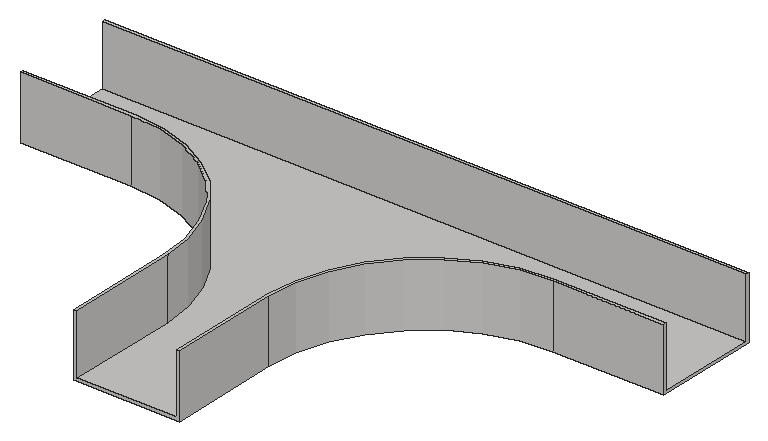
Revit family "Cable_Tray_Fitting-Wire_Mesh_Tray-OBO_Bettermann-Channel_Horizontal_Tee_400-600-GR_Magic", category Cable Tray Fittings, Revit 2012
Parameters (values of type "Hot Dipped Galvanised")
  URL = "http://www.obo-bettermann.com/"
  Tray Width Overall [instance] = Tray Width 3 + 510 mm  # 610 mm
  Tray Width 3 [instance] = 100 mm
  Tray Width 1 [instance] = 100 mm
  Tray Height [instance] = 60 mm
  built-in parameter 1140111 [instance] = 2.58 mm
  Radius Label 1 = Radius Label + 2.6 mm  # 152.6 mm
  Radius Label = 150 mm
  Product Page URL = "http://catalog2.obo-bettermann.com/catalogue/catalogue.do?favOid=kts_315619&act=showIO&lang=en&action=start&catId=KTS&forward=showSolutionView"
  Product Documentation Link = ""
  Pre Galvanized = no
  Model = "GR-Magic"
  Manufacturer = "OBO Bettermann"
  Description = "Wire Mesh Cable Tray"
  Connector Description 3 = "Connector for Cable Tray 3"  # constant formula
  Connector Description 2 = "Connector for Cable Tray 2"  # constant formula
  Connector Description = "Connector for Cable Tray 1"  # constant formula
  Classification = "Refer to online catalog for UL and cUL classifed sizes and wire sizes."
  Cable Tray Material = Metal - OBO Bettermann - Hot-Dipped-Galvanised
  Assembly Code = "D5030600"
Types (2, lengths in mm): name | Tray Width Overall | Tray Width 3 | Tray Width 1 | Cable Tray Material
  Electro Galvanised | 910 | 400 | 400 | Metal - OBO Bettermann - Electro-Galvanised
  Hot Dipped Galvanised | 610 | 100 | 100 | Metal - OBO Bettermann - Hot-Dipped-Galvanised
Reference planes
  plane 1 "Center (Front/Back)": y = 0
  plane 2: z = 0
  plane 3 "Center (Left/Right)": x = 0
  plane 4: y = 50
  plane 5: y = -50
  plane 6: z = 30
  plane 7: z = -30
  plane 8: x = -50
  plane 9: x = 50
  plane 10: y = -47.42
  plane 11: y = 47.42
  plane 12: y = -305
  plane 13: x = -47.42
  plane 14: x = 47.42
  plane 15: z = -27.42
  plane 16: x = -305
  plane 17: x = 305
Forms (mm)
  Extrusion 1, solid, material "Metal - OBO Bettermann - Hot-Dipped-Galvanised" <- "Cable Tray Material", detail levels fine
    sketch origin (0, 0, 0) x (1, 0, 0) y (0, 1, 0)
      loop
        line (-305, -47.42) -> (-305, -50) -> (-200, -50)
        arc (-200, -50) -> (-93.934, -93.934) -> (-50, -200) r 150
        line (-50, -200) -> (-50, -305) -> (-47.42, -305) -> (-47.42, -197.51)
        arc (-47.42, -197.51) -> (-92.096, -92.096) -> (-197.51, -47.42) r 152.6
        line (-197.51, -47.42) -> (-305, -47.42)
      loop
        line (200, -50) -> (305, -50) -> (305, -47.42) -> (197.51, -47.42)
        arc (197.51, -47.42) -> (92.096, -92.096) -> (47.42, -197.51) r 152.6
        line (47.42, -197.51) -> (47.42, -305) -> (50, -305) -> (50, -200)
        arc (50, -200) -> (93.934, -93.934) -> (200, -50) r 150
      loop
        line (-305, 50) -> (-305, 47.42) -> (305, 47.42) -> (305, 50) -> (-305, 50)
    from -30 to 30
  Extrusion 2, solid, material "Metal - OBO Bettermann - Hot-Dipped-Galvanised" <- "Cable Tray Material", detail levels fine
    sketch origin (0, 0, 0) x (1, 0, 0) y (0, 1, 0)
      loop
        line (-305, -50) -> (-200, -50)
        arc (-200, -50) -> (-93.934, -93.934) -> (-50, -200) r 150
        line (-50, -200) -> (-50, -305) -> (50, -305) -> (50, -200)
        arc (50, -200) -> (93.934, -93.934) -> (200, -50) r 150
        line (200, -50) -> (305, -50) -> (305, 50) -> (-305, 50) -> (-305, -50)
    from -30 to -27.42
  Extrusion 3, solid, material "Metal - OBO Bettermann - Hot-Dipped-Galvanised" <- "Cable Tray Material", detail levels medium
    sketch origin (0, 0, 0) x (1, 0, 0) y (0, 1, 0)
      loop
        line (-305, 50) -> (-305, -50) -> (-200, -50)
        arc (-200, -50) -> (-93.934, -93.934) -> (-50, -200) r 150
        line (-50, -200) -> (-50, -305) -> (50, -305) -> (50, -200)
        arc (50, -200) -> (93.934, -93.934) -> (200, -50) r 150
        line (200, -50) -> (305, -50) -> (305, 50) -> (-305, 50)
    from -30 to 30
Cuts and joins
  joined: Extrusion 1, Extrusion 2
Lines and regions (mm)
  model lines, style "Coarse View", detail levels coarse
    curve 1: line (-230, 0, 0) -> (200, 0, 0)
    curve 2: line (0, 0, 0) -> (0, -305, 0)
Dimensions and locks
  equal spacing: plane 4, plane 1 "Center (Front/Back)", plane 5
  "Tray Width 1": plane 4 to plane 5
  equal spacing: plane 6, plane 2, plane 7
  "Tray Height": plane 6 to plane 7
  equal spacing: plane 8, plane 3 "Center (Left/Right)", plane 9  (x2)
  "Tray Width 3": plane 8 to plane 9
  "built-in parameter 1140111": plane 10 to plane 5
  "built-in parameter 1140111": plane 4 to plane 11
  locked: plane 5 to plane 12 at 255
  "built-in parameter 1140111": plane 8 to plane 13
  "built-in parameter 1140111": plane 14 to plane 9
  "built-in parameter 1140111": plane 15 to plane 7
  locked: plane 16 to plane 8 at 255
  locked: plane 9 to plane 17 at 255
  equal spacing: plane 16, plane 3 "Center (Left/Right)", plane 17
  "Radius Label": radius of Extrusion 3 sketch curve  (x2)
  "Radius Label": radius of Extrusion 1 sketch curve  (x2)
  "Radius Label 1": radius of Extrusion 1 sketch curve  (x2)
  "Radius Label": radius of Extrusion 2 sketch curve  (x2)
  aligned and locked: Extrusion 1 sketch curve to plane 10
  aligned and locked: Extrusion 1 sketch curve to plane 5
  aligned and locked: Extrusion 1 sketch curve to plane 8
  aligned and locked: plane 12 to Extrusion 1 sketch curve  (x2)
  aligned and locked: Extrusion 1 sketch curve to plane 13
  aligned and locked: plane 13 to Extrusion 1 sketch curve
  aligned and locked: plane 8 to Extrusion 1 sketch curve
  aligned and locked: Extrusion 1 sketch curve to plane 12  (x2)
  aligned and locked: Extrusion 1 to plane 7
  aligned and locked: plane 6 to Extrusion 1
  aligned and locked: plane 5 to Extrusion 1 sketch curve
  aligned and locked: plane 10 to Extrusion 1 sketch curve
  aligned and locked: Extrusion 1 sketch curve to plane 14
  aligned and locked: Extrusion 1 sketch curve to plane 9
  aligned and locked: plane 9 to Extrusion 1 sketch curve
  aligned and locked: plane 14 to Extrusion 1 sketch curve
  aligned and locked: plane 11 to Extrusion 1 sketch curve
  aligned and locked: Extrusion 1 sketch curve to plane 4
  aligned and locked: Extrusion 2 sketch curve to plane 5
  aligned and locked: Extrusion 2 sketch curve to plane 4
  aligned and locked: plane 4 to Extrusion 2 sketch curve
  aligned and locked: plane 5 to Extrusion 2 sketch curve
  aligned and locked: plane 12 to Extrusion 2 sketch curve
  aligned and locked: plane 9 to Extrusion 2 sketch curve
  aligned and locked: plane 8 to Extrusion 2 sketch curve
  aligned and locked: Extrusion 2 sketch curve to plane 12
  aligned and locked: Extrusion 2 to plane 7
  aligned and locked: plane 15 to Extrusion 2
  aligned and locked: Extrusion 3 sketch curve to plane 5  (x2)
  aligned and locked: plane 4 to Extrusion 3 sketch curve  (x2)
  aligned and locked: plane 5 to Extrusion 3 sketch curve
  aligned and locked: plane 12 to Extrusion 3 sketch curve
  aligned and locked: Extrusion 3 sketch curve to plane 9
  aligned and locked: plane 9 to Extrusion 3 sketch curve
  aligned and locked: plane 8 to Extrusion 3 sketch curve
  aligned and locked: Extrusion 3 sketch curve to plane 12
  aligned and locked: Extrusion 3 to plane 7
  aligned and locked: plane 6 to Extrusion 3
  aligned and locked: plane 1 "Center (Front/Back)" to curve 1
  aligned and locked: plane 12 to curve 2
  aligned and locked: plane 1 "Center (Front/Back)" to curve 2
  aligned and locked: curve 2 to plane 3 "Center (Left/Right)"
  aligned and locked: plane 16 to Extrusion 3
  aligned and locked: plane 16 to cut or joined group of Extrusion 1, Extrusion 2
  aligned and locked: plane 17 to Extrusion 3
  aligned and locked: cut or joined group of Extrusion 1, Extrusion 2 to Extrusion 3
Automatic sketch dimensions
  Extrusion 1 sketch curve to Extrusion 1 sketch curve = 0 mm  (x4)
  Extrusion 1 sketch curve to Extrusion 1 sketch curve = 105 mm  (x2)
  Extrusion 1 sketch curve to plane 8 = 255 mm
  Extrusion 2 sketch curve to Extrusion 2 sketch curve = 105 mm  (x2)
  Extrusion 3 sketch curve to plane 8 = 255 mm
  plane 9 to Extrusion 1 sketch curve = 255 mm
  plane 9 to Extrusion 3 sketch curve = 255 mm
  curve 1 to plane 16 = 75 mm
  plane 17 to curve 1 = 105 mm
Connectors
  cabletrayconduit at (-305, 0, 0), driven by "Tray Height", driven by "Tray Width 1", driven by "Connector Description"
    settings: on Extrusion 3, index 1, connector width 100 mm, connector height 60 mm, connector radius 304.8 mm, connector angle 0.00°, system type 32, placement type 0, profile type 1, connector reference index 2, is primary connector yes, connector utility param no, connector description "Connector for Cable Tray 1"
  cabletrayconduit at (305, 0, 0), driven by "Tray Height", driven by "Tray Width 1", driven by "Connector Description 2"
    settings: on Extrusion 3, index 2, connector width 100 mm, connector height 60 mm, connector radius 304.8 mm, connector angle 0.00°, system type 32, placement type 0, profile type 1, connector reference index 1, is primary connector no, connector utility param no, connector description "Connector for Cable Tray 2"
  cabletrayconduit at (0, -305, 0), driven by "Tray Height", driven by "Tray Width 3", driven by "Connector Description 3"
    settings: on Extrusion 3, index 3, connector width 100 mm, connector height 60 mm, connector radius 304.8 mm, connector angle 0.00°, system type 32, placement type 0, profile type 1, connector reference index -1, is primary connector no, connector utility param no, connector description "Connector for Cable Tray 3"
